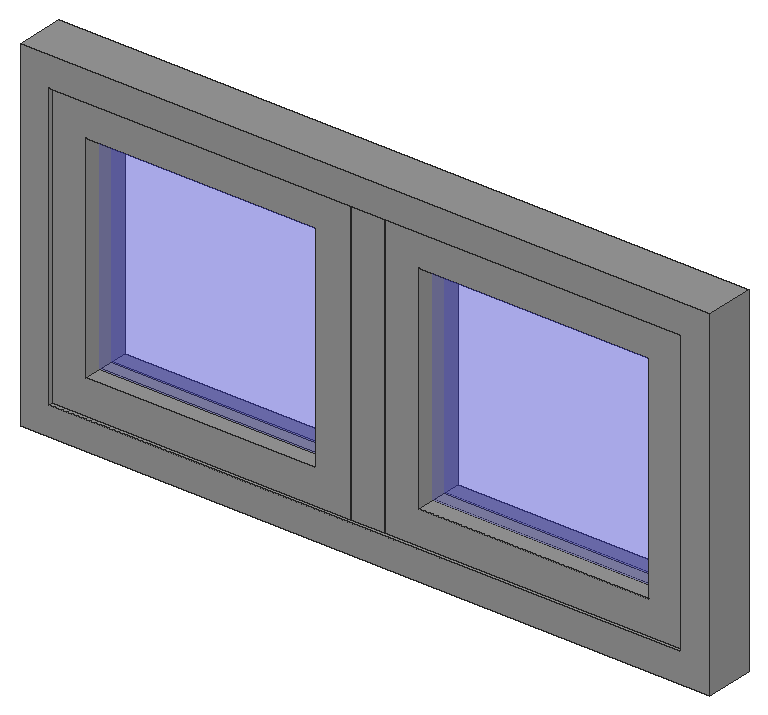
Revit family "Family7", category Windows, host Wall, Revit 2018
Family settings
  Host = Wall
  OmniClass Number = 23.30.20.00
  OmniClass Title = Windows
  Always vertical = Yes
  Cut with Voids When Loaded = No
  Shared = No
  Room Calculation Point = No
Parameters
  Window Thickness = 84 mm
  Window = White
  Visual Light Transmittance = 0.81
  URL = "www.skywardwindows.co.za"
  Thermal Resistance (R) = 0.3196 (m²·K)/W
  Telephone = "021 276 1800"
  Solar Heat Gain Coefficient = 0.76
  Manufacturer = "Skyward Windows"
  Height = 590 mm
  Heat Transfer Coefficient (U) = 3.1292 W/(m²·K)
  Glass Thickness = 4 mm
  Glass = Glass
  Email Address = "info@skywardwindows.co.za"
  Default Sill Height = 800 mm
  Wall Closure = By host
  Width = 1190 mm
  Company Address = "Charles Matthews Street Atlantis 7349"
  Analytic Construction = "Double glazing - domestic"
Reference planes
  plane 1 "Center (Front/Back)": y = 0
  plane 2 "Center (Left/Right)": x = 0
  plane 3 "Left": x = -595
  plane 4 "Right": x = 595
  plane 5 "Sill": z = 800
  plane 6 "Head": z = 1390
  plane 7 "Exterior": y = 100
  plane 8 "Interior": y = -100
Forms (mm)
  Extrusion 1, solid, material "White" <- "Window"
    sketch origin (0, -100, 0) x (1, 0, 0) y (0, 0, 1)
      loop
        line (-595, 1390) -> (-595, 800) -> (595, 800) -> (595, 1390) -> (-595, 1390)
      loop
        line (-545, 850) -> (545, 850) -> (545, 1340) -> (-545, 1340) -> (-545, 850)
    from -135.787 to -51.787
  Extrusion 2, solid, material "White" <- "Window"
    sketch origin (0, -100, 0) x (1, 0, 0) y (0, 0, 1)
      loop
        line (-545, 1340) -> (-545, 850) -> (-30, 850) -> (-30, 1340) -> (-545, 1340)
      loop
        line (-486, 909) -> (-89, 909) -> (-89, 1281) -> (-486, 1281) -> (-486, 909)
    from -142 to -58
  Extrusion 3, solid, material "White" <- "Window"
    sketch origin (575, -100, 0) x (1, 0, 0) y (0, 0, 1)
      loop
        line (-545, 1340) -> (-545, 850) -> (-30, 850) -> (-30, 1340) -> (-545, 1340)
      loop
        line (-486, 909) -> (-89, 909) -> (-89, 1281) -> (-486, 1281) -> (-486, 909)
    from -142 to -58
  Extrusion 4, solid, material "White" <- "Window"
    sketch origin (0, -100, 0) x (1, 0, 0) y (0, 0, 1)
      loop
        line (-30, 1340) -> (-30, 850) -> (30, 850) -> (30, 1340) -> (-30, 1340)
    from -142 to -58
  Extrusion 5, solid, material "Glass" <- "Glass"
    sketch origin (0, 0, 0) x (1, 0, 0) y (0, 1, 0)
      loop
        line (89, 14) -> (89, 10) -> (486, 10) -> (486, 14) -> (89, 14)
      loop
        line (89, -10) -> (89, -14) -> (486, -14) -> (486, -10) -> (89, -10)
      loop
        line (-486, 14) -> (-486, 10) -> (-89, 10) -> (-89, 14) -> (-486, 14)
      loop
        line (-486, -10) -> (-486, -14) -> (-89, -14) -> (-89, -10) -> (-486, -10)
    from 909 to 1281
Lines and regions (mm)
  Opening 1
    outline origin (3500, -100, 0) x (1, 0, 0) y (0, 0, 1)
      loop
        line (-2905, 800) -> (-2905, 1390) -> (-4095, 1390) -> (-4095, 800) -> (-2905, 800)
Text (mm)
  text "EXTERIOR" at (-1963.203, 1332.353, 0), in view "Ref. Level"
  text "INTERIOR" at (-1981.466, -818.386, 0), in view "Ref. Level"
  text "Exterior" at (0, 923.751, 2943.296), in view "Right"
  text "Exterior" at (0, 1040.484, 2685.409), in view "Left"
Dimensions and locks
  equal spacing: plane 3 "Left", plane 2 "Center (Left/Right)", plane 4 "Right"
  "Width": plane 3 "Left" to plane 4 "Right"
  "Height": plane 5 "Sill" to plane 6 "Head"
  "Default Sill Height": plane 5 "Sill" to level
  locked: plane 7 "Exterior" to host wall at 0
  locked: plane 8 "Interior" to host wall
  "Window Thickness": Extrusion 1 to Extrusion 1
  "Window Thickness": Extrusion 3 to Extrusion 3
  "Window Thickness": Extrusion 2 to Extrusion 2
  "Glass Thickness": Extrusion 5 to Extrusion 5  (x4)
  aligned and locked: Extrusion 1 sketch curve to host wall  (x3)
Automatic sketch dimensions
  plane 3 "Left" to Opening 1 sketch curve = 0 mm
  plane 4 "Right" to Opening 1 sketch curve = 0 mm
  Opening 1 sketch curve to plane 5 "Sill" = 0 mm
  Opening 1 sketch curve to plane 6 "Head" = 0 mm
  Extrusion 1 sketch curve to plane 6 "Head" = 0 mm
  Extrusion 1 sketch curve to plane 3 "Left" = 50 mm
  plane 4 "Right" to Extrusion 1 sketch curve = 50 mm
  Extrusion 1 sketch curve to plane 5 "Sill" = 50 mm
  plane 6 "Head" to Extrusion 1 sketch curve = 50 mm
  Extrusion 2 sketch curve to plane 3 "Left" = 50 mm
  Extrusion 2 sketch curve to Extrusion 2 sketch curve = 59 mm  (x2)
  plane 2 "Center (Left/Right)" to Extrusion 2 sketch curve = 89 mm
  plane 2 "Center (Left/Right)" to Extrusion 2 sketch curve = 30 mm
  Extrusion 2 sketch curve to plane 5 "Sill" = 50 mm
  plane 6 "Head" to Extrusion 2 sketch curve = 109 mm
  plane 6 "Head" to Extrusion 2 sketch curve = 50 mm
  Extrusion 3 sketch curve to plane 2 "Center (Left/Right)" = 30 mm
  Extrusion 3 sketch curve to Extrusion 3 sketch curve = 59 mm  (x2)
  plane 4 "Right" to Extrusion 3 sketch curve = 109 mm
  plane 4 "Right" to Extrusion 3 sketch curve = 50 mm
  Extrusion 3 sketch curve to plane 5 "Sill" = 50 mm
  plane 6 "Head" to Extrusion 3 sketch curve = 109 mm
  plane 6 "Head" to Extrusion 3 sketch curve = 50 mm
  plane 2 "Center (Left/Right)" to Extrusion 4 sketch curve = 30 mm
  Extrusion 4 sketch curve to plane 2 "Center (Left/Right)" = 30 mm
  Extrusion 4 sketch curve to plane 5 "Sill" = 50 mm
  plane 6 "Head" to Extrusion 4 sketch curve = 50 mm
  Extrusion 5 sketch curve to host wall = 14 mm  (x2)
  Extrusion 5 sketch curve to plane 3 "Left" = 109 mm
  Extrusion 5 sketch curve to Extrusion 5 sketch curve = 0 mm  (x4)
  plane 2 "Center (Left/Right)" to Extrusion 5 sketch curve = 89 mm
  Extrusion 5 sketch curve to plane 2 "Center (Left/Right)" = 89 mm
  plane 4 "Right" to Extrusion 5 sketch curve = 109 mm
  Extrusion 5 sketch curve to Extrusion 5 sketch curve = 4 mm  (x4)
  host wall to Extrusion 5 sketch curve = 10 mm  (x2)
